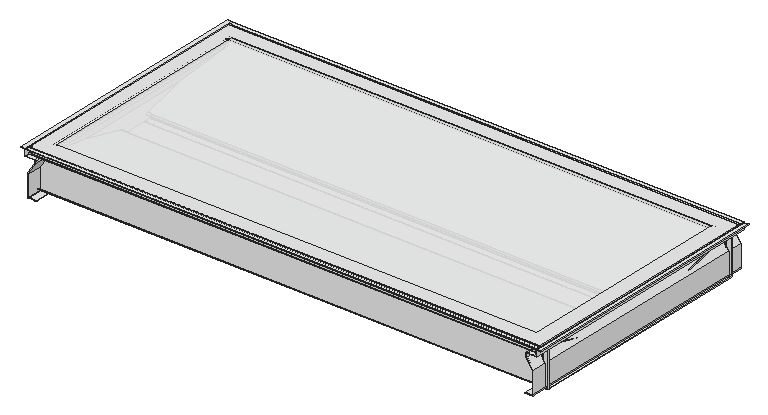
Revit family "LRTH-C29", category Lighting Fixtures, host Face, Revit 2019
Family settings
  Host = Face
  Round Connector Dimension = Use Diameter
  Part Type = Normal
  OmniClass Number = 23.80.70.11.14.17
  OmniClass Title = Direct/Indirect
  Cut with Voids When Loaded = No
  Light Source = Yes
  Shared = No
  Room Calculation Point = No
Parameters (values of type "LRTH-C29-2X4-LED840K050LUNV")
  Width = 1' - 11 3/4"
  Wattage = 47 W
  built-in parameter 1150110 = 1 (stored number, unit not read)
  Voltage = 120 V
  URL = "https://www.viscor.com/en/products/lrth-wet-location-"
  built-in parameter 1114217 = 0.9 (stored number, unit not read)
  Tilt Angle = -90.00°
  built-in parameter 1150109 = 1 (stored number, unit not read)
  built-in parameter 1150134 = 12
  built-in parameter 1150113 = 1 (stored number, unit not read)
  Photometric Web File = "LRTH-C29-2X4-LED840K050LUNV.ies"
  Model = "LRTH Wet Location"  # constant formula
  Manufacturer = "VISIONEERING by VISCOR"  # constant formula
  built-in parameter 1150105 = 400.2 (stored number, unit not read)
  Lumens = 5029 lm
  built-in parameter 1150115 = 1 (stored number, unit not read)
  built-in parameter 1150137 = (empty or 0)
  built-in parameter 1150139 = (empty or 0)
  Lens Finish = Acrylic - Viscor - Frosted Prismatic P12
  Length = 3' - 11 3/4"
  Lamp Wattage = 47 VA
  built-in parameter 1150112 = 1 (stored number, unit not read)
  built-in parameter 1150114 = 1 (stored number, unit not read)
  Lamp = "LED"  # constant formula
  built-in parameter 1150132 = (empty or 0)
  built-in parameter 1150102 = (empty or 0)
  built-in parameter 1150107 = 4000 (stored number, unit not read)
  built-in parameter 1150138 = (empty or 0)
  built-in parameter 1150106 = 4.002 (stored number, unit not read)
  Housing Finish = Metal - Viscor - White
  Emit from Rectangle Width = Width  # 1' - 11 3/4"
  Emit from Rectangle Length = Length  # 3' - 11 3/4"
  Emit Shape Visible in Rendering = no
  built-in parameter 1150104 = 9.9406 (stored number, unit not read)
  Dimming Lamp Color Temperature Shift = <None>
  Description = "LED Troffer Dish Lensed - Wet Location"  # constant formula
  Default Elevation = 4' - 0"
  Color Filter = 16777215
  built-in parameter 1114218 = 1 (stored number, unit not read)
  built-in parameter 1150133 = 10 (stored number, unit not read)
  Assembly Code = "D5020200"
  Apparent Load = Lamp Wattage  # 47 VA
Types (6): name | Width | Wattage | Photometric Web File | built-in parameter 1150105 | Lumens | Length | Lamp Wattage | built-in parameter 1150106 | Emit from Rectangle Width | Emit from Rectangle Length | built-in parameter 1150104 | Apparent Load
  (no name) | 1' - 11 3/4" | 47 W | "LRTH-C29-2X4-LED840K050LUNV.ies" | 400.2 (stored number, unit not read) | 5029 lm | 3' - 11 3/4" | 47 VA | 4.002 (stored number, unit not read) | 1' - 11 3/4" | 3' - 11 3/4" | 9.9406 (stored number, unit not read) | 47 VA
  LRTH-C29-1X4-LED840K040LUNV | 0' - 11 3/4" | 38 W | "LRTH-C29-1X4-LED840K040LUNV.ies" | 323.56 (stored number, unit not read) | 4066 lm | 3' - 11 3/4" | 38 VA | 3.2356 (stored number, unit not read) | 0' - 11 3/4" | 3' - 11 3/4" | 9.9406 (stored number, unit not read) | 38 VA
  LRTH-C29-2X4-LED840K040LUNV | 1' - 11 3/4" | 36 W | "LRTH-C29-2X4-LED840K040LUNV.ies" | 317.99 (stored number, unit not read) | 3996 lm | 3' - 11 3/4" | 36 VA | 3.1799 (stored number, unit not read) | 1' - 11 3/4" | 3' - 11 3/4" | 10.312 (stored number, unit not read) | 36 VA
  LRTH-C29-2x2-LED840K020LUNV | 1' - 11 3/4" | 17 W | "LRTH-C29-2x2-LED840K020LUNV-G003862.IES" | 166.4 (stored number, unit not read) | 2091 lm | 1' - 11 3/4" | 17 VA | 1.664 (stored number, unit not read) | 1' - 11 3/4" | 1' - 11 3/4" | 11.427 (stored number, unit not read) | 17 VA
  LRTH-C29-2x2-LED840K032LUNV | 1' - 11 3/4" | 28 W | "LRTH-C29-2x2-LED840K032LUNV-G003861.IES" | 256.24 (stored number, unit not read) | 3220 lm | 1' - 11 3/4" | 28 VA | 2.5624 (stored number, unit not read) | 1' - 11 3/4" | 1' - 11 3/4" | 10.684 (stored number, unit not read) | 28 VA
  LRTH-C29-2X4-LED840K050LUNV | 1' - 11 3/4" | 47 W | "LRTH-C29-2X4-LED840K050LUNV.ies" | 400.2 (stored number, unit not read) | 5029 lm | 3' - 11 3/4" | 47 VA | 4.002 (stored number, unit not read) | 1' - 11 3/4" | 3' - 11 3/4" | 9.9406 (stored number, unit not read) | 47 VA
Reference planes (in)
  plane 1 "Center (Front/Back)": y = 0
  plane 2: z = 0
  plane 3 "Center (Left/Right)": x = 0
  plane 4 "WidthExtTop": y = 11.875
  plane 5 "WidthExtBottom": y = -11.875
  plane 6 "Left Exterior": x = -23.875
  plane 7: x = 23.875
  plane 8 "LeftBodyFinish": x = -23.437
  plane 9 "RightBodyFinish": x = 23.4375
  plane 10 "LeftCover": x = -22.937
  plane 11: x = 22.9375
Forms (in)
  Extrusion 1, solid, material "Metal - Viscor - White" <- "Housing Finish"
    sketch origin (0, 0, -3.93625) x (1, 0, 0) y (0, 0, 1)
      loop
        line (-22.405, 0) -> (-22.405, 0.03125) -> (-23.086, 0.03125)
        arc (-23.086, 0.03125) -> (-23.11269, 0.04231) -> (-23.12375, 0.069) r 0.03775
        line (-23.12375, 0.069) -> (-23.12375, 2.02963) -> (-22.49825, 2.99713) -> (-22.49825, 3.3035)
        arc (-22.49825, 3.3035) -> (-22.51883, 3.35317) -> (-22.5685, 3.37375) r 0.07025
        line (-22.5685, 3.37375) -> (-23.43575, 3.37375) -> (-23.43575, 3.866)
        arc (-23.43575, 3.866) -> (-23.45633, 3.91567) -> (-23.506, 3.93625) r 0.07025
        line (-23.506, 3.93625) -> (-23.875, 3.93625) -> (-23.875, 3.905) -> (-23.506, 3.905)
        arc (-23.506, 3.905) -> (-23.47842, 3.89358) -> (-23.467, 3.866) r 0.039
        line (-23.467, 3.866) -> (-23.467, 3.3425) -> (-22.5685, 3.3425)
        arc (-22.5685, 3.3425) -> (-22.54092, 3.33108) -> (-22.5295, 3.3035) r 0.039
        line (-22.5295, 3.3035) -> (-22.5295, 3.00635) -> (-23.155, 2.03885) -> (-23.155, 0.069)
        arc (-23.155, 0.069) -> (-23.13479, 0.02021) -> (-23.086, 0) r 0.069
        line (-23.086, 0) -> (-22.405, 0)
    from -11.875 to 11.875
  Extrusion 2, solid, material "Metal - Viscor - White" <- "Housing Finish"
    sketch origin (0, 0, -3.93625) x (0, 1, 0) y (0, 0, 1)
      loop
        line (-10.461, 0.03) -> (10.461, 0.03)
        arc (10.461, 0.03) -> (10.50979, 0.05035) -> (10.53, 0.09914) r 0.069
        line (10.53, 0.09914) -> (10.53, 3.30348)
        arc (10.53, 3.30348) -> (10.54144, 3.33104) -> (10.569, 3.34245) r 0.03898
        line (10.569, 3.34245) -> (11.39851, 3.34245)
        arc (11.39851, 3.34245) -> (11.44727, 3.36265) -> (11.46747, 3.41141) r 0.06896
        line (11.46747, 3.41141) -> (11.46747, 3.866)
        arc (11.46747, 3.866) -> (11.47892, 3.89358) -> (11.5065, 3.905) r 0.039
        line (11.5065, 3.905) -> (11.875, 3.905) -> (11.875, 3.93625) -> (11.5065, 3.93625)
        arc (11.5065, 3.93625) -> (11.45683, 3.91567) -> (11.43625, 3.866) r 0.07025
        line (11.43625, 3.866) -> (11.43622, 3.41141)
        arc (11.43622, 3.41141) -> (11.42518, 3.38475) -> (11.39851, 3.3737) r 0.03771
        line (11.39851, 3.3737) -> (10.569, 3.3737)
        arc (10.569, 3.3737) -> (10.51934, 3.35313) -> (10.49877, 3.30348) r 0.07023
        line (10.49877, 3.30348) -> (10.49875, 0.09914)
        arc (10.49875, 0.09914) -> (10.48769, 0.07245) -> (10.461, 0.06139) r 0.03775
        line (10.461, 0.06139) -> (-10.461, 0.06125)
        arc (-10.461, 0.06125) -> (-10.48769, 0.07245) -> (-10.49875, 0.09914) r 0.03775
        line (-10.49875, 0.09914) -> (-10.49875, 3.30927)
        arc (-10.49875, 3.30927) -> (-10.52117, 3.35547) -> (-10.569, 3.37419) r 0.07047
        line (-10.569, 3.37419) -> (-11.39785, 3.37419)
        arc (-11.39785, 3.37419) -> (-11.42409, 3.38506) -> (-11.43496, 3.4113) r 0.03711
        line (-11.43496, 3.4113) -> (-11.43496, 3.86691)
        arc (-11.43496, 3.86691) -> (-11.45518, 3.91571) -> (-11.50398, 3.93593) r 0.06902
        line (-11.50398, 3.93593) -> (-11.875, 3.93593) -> (-11.875, 3.90468) -> (-11.50398, 3.90468)
        arc (-11.50398, 3.90468) -> (-11.47728, 3.89362) -> (-11.46621, 3.86691) r 0.03777
        line (-11.46621, 3.86691) -> (-11.46621, 3.4113)
        arc (-11.46621, 3.4113) -> (-11.44619, 3.36296) -> (-11.39785, 3.34294) r 0.06836
        line (-11.39785, 3.34294) -> (-10.569, 3.34294)
        arc (-10.569, 3.34294) -> (-10.54277, 3.33288) -> (-10.53, 3.30786) r 0.03922
        line (-10.53, 3.30786) -> (-10.53, 0.09914)
        arc (-10.53, 0.09914) -> (-10.50979, 0.05035) -> (-10.461, 0.03) r 0.069
    from -23.437 to 23.4375
  Extrusion 3, solid, material "Metal - Viscor - White" <- "Housing Finish"
    sketch origin (0, 0, -3.93625) x (-1, 0, 0) y (0, 0, -1)
      loop
        line (-22.405, 0) -> (-23.086, 0)
        arc (-23.086, 0) -> (-23.13479, -0.02021) -> (-23.155, -0.069) r 0.069
        line (-23.155, -0.069) -> (-23.155, -2.03885) -> (-22.5295, -3.00635) -> (-22.5295, -3.3035)
        arc (-22.5295, -3.3035) -> (-22.54092, -3.33108) -> (-22.5685, -3.3425) r 0.039
        line (-22.5685, -3.3425) -> (-23.467, -3.3425) -> (-23.467, -3.866)
        arc (-23.467, -3.866) -> (-23.47842, -3.89358) -> (-23.506, -3.905) r 0.039
        line (-23.506, -3.905) -> (-23.875, -3.905) -> (-23.875, -3.93625) -> (-23.506, -3.93625)
        arc (-23.506, -3.93625) -> (-23.45633, -3.91567) -> (-23.43575, -3.866) r 0.07025
        line (-23.43575, -3.866) -> (-23.43575, -3.37375) -> (-22.5685, -3.37375)
        arc (-22.5685, -3.37375) -> (-22.51883, -3.35317) -> (-22.49825, -3.3035) r 0.07025
        line (-22.49825, -3.3035) -> (-22.49825, -2.99713) -> (-23.12375, -2.02963) -> (-23.12375, -0.069)
        arc (-23.12375, -0.069) -> (-23.11269, -0.04231) -> (-23.086, -0.03125) r 0.03775
        line (-23.086, -0.03125) -> (-22.405, -0.03125) -> (-22.405, 0)
    from -11.875 to 11.875
  Extrusion 4, solid, material "Metal - Viscor - White" <- "Housing Finish"
    sketch origin (0, 0, -0.0625) x (0, 1, 0) y (-1, 0, 0)
      loop
        line (10, -22.0005) -> (10, 22) -> (-10, 22) -> (-10, -22.0005) -> (10, -22.0005)
      loop
        line (11.375, -23.3755) -> (11.375, 23.375) -> (-11.375, 23.375) -> (-11.375, -23.3755) -> (11.375, -23.3755)
    from 0 to 0.0625
  Extrusion 5, solid, material "Acrylic - Viscor - Frosted Prismatic P12" <- "Lens Finish"
    sketch origin (0, 0, -0.1063) x (0, 1, 0) y (-1, 0, 0)
      loop
        line (10.25, 22.25) -> (-10.25, 22.25) -> (-10.25, -22.2505) -> (10.25, -22.2505) -> (10.25, 22.25)
    from 0 to 0.03125
  Extrusion 6, void
    sketch origin (0, 0, 0) x (1, 0, 0) y (0, 1, 0)
      loop
        line (-23.875, 11.875) -> (-23.875, -11.875) -> (23.875, -11.875) -> (23.875, 11.875) -> (-23.875, 11.875)
    from -5.39812 to 0
  Extrusion 7, solid
    sketch origin (0, 0, 0) x (0, 1, 0) y (0, 0, 1)
      loop
        line (2.0389, -3.87125) -> (2.625, -3.87125) -> (2.625, -3.84) -> (2.03893, -3.84)
        arc (2.03893, -3.84) -> (2.01228, -3.82892) -> (2.00125, -3.80225) r 0.03775
        line (2.00125, -3.80225) -> (2.00125, -3.44017)
        arc (2.00125, -3.44017) -> (1.98064, -3.39055) -> (1.931, -3.37001) r 0.07025
        line (1.931, -3.37001) -> (-1.931, -3.37001)
        arc (-1.931, -3.37001) -> (-1.98069, -3.39059) -> (-2.00127, -3.44028) r 0.07027
        line (-2.00127, -3.44028) -> (-2.00127, -3.80149)
        arc (-2.00127, -3.80149) -> (-2.01206, -3.82868) -> (-2.03903, -3.84001) r 0.03777
        line (-2.03903, -3.84001) -> (-2.625, -3.84001) -> (-2.625, -3.87126) -> (-2.03903, -3.87126)
        arc (-2.03903, -3.87126) -> (-1.98987, -3.85068) -> (-1.97002, -3.80122) r 0.06902
        line (-1.97002, -3.80122) -> (-1.97002, -3.44028)
        arc (-1.97002, -3.44028) -> (-1.95859, -3.41268) -> (-1.931, -3.40126) r 0.03902
        line (-1.931, -3.40126) -> (1.931, -3.40126)
        arc (1.931, -3.40126) -> (1.95855, -3.41266) -> (1.97, -3.44019) r 0.039
        line (1.97, -3.44019) -> (1.97, -3.80225)
        arc (1.97, -3.80225) -> (1.99018, -3.85101) -> (2.0389, -3.87125) r 0.069
    from -22.937 to 22.9375
  Extrusion 8, solid
    sketch origin (0, 0, 0) x (0, 1, 0) y (0, 0, 1)
      loop
        line (10.5, -1.56425) -> (10.5, -0.64355)
        arc (10.5, -0.64355) -> (10.47622, -0.59468) -> (10.42308, -0.58332) r 0.062
        line (10.42308, -0.58332) -> (1.54696, -2.78428)
        arc (1.54696, -2.78428) -> (1.50053, -2.83632) -> (1.53187, -2.89862) r 0.062
        line (1.53187, -2.89862) -> (1.86729, -3.0851)
        arc (1.86729, -3.0851) -> (1.88195, -3.09942) -> (1.88734, -3.11919) r 0.039
        line (1.88734, -3.11919) -> (1.88734, -3.30725)
        arc (1.88734, -3.30725) -> (1.87591, -3.33483) -> (1.84834, -3.34625) r 0.039
        line (1.84834, -3.34625) -> (1.222, -3.34625) -> (1.222, -3.3775) -> (1.84834, -3.3775)
        arc (1.84834, -3.3775) -> (1.89801, -3.35692) -> (1.91859, -3.30725) r 0.07025
        line (1.91859, -3.30725) -> (1.91859, -3.11919)
        arc (1.91859, -3.11919) -> (1.90889, -3.08357) -> (1.88247, -3.05779) r 0.07025
        line (1.88247, -3.05779) -> (1.54706, -2.8713)
        arc (1.54706, -2.8713) -> (1.53151, -2.84042) -> (1.55452, -2.8146) r 0.03075
        line (1.55452, -2.8146) -> (10.4306, -0.61366)
        arc (10.4306, -0.61366) -> (10.45696, -0.61929) -> (10.46875, -0.64353) r 0.03075
        line (10.46875, -0.64353) -> (10.46875, -1.56425) -> (10.5, -1.56425)
    from -22.937 to 22.9375
  Extrusion 9, solid
    sketch origin (0, 0, 0) x (0, 1, 0) y (0, 0, 1)
      loop
        line (-10.5, -0.64355) -> (-10.5, -1.56425) -> (-10.46875, -1.56425) -> (-10.46875, -0.64353)
        arc (-10.46875, -0.64353) -> (-10.45696, -0.61929) -> (-10.4306, -0.61366) r 0.03075
        line (-10.4306, -0.61366) -> (-1.55452, -2.8146)
        arc (-1.55452, -2.8146) -> (-1.53151, -2.84042) -> (-1.54706, -2.8713) r 0.03075
        line (-1.54706, -2.8713) -> (-1.88247, -3.05779)
        arc (-1.88247, -3.05779) -> (-1.90889, -3.08357) -> (-1.91859, -3.11919) r 0.07025
        line (-1.91859, -3.11919) -> (-1.91859, -3.30725)
        arc (-1.91859, -3.30725) -> (-1.89801, -3.35692) -> (-1.84834, -3.3775) r 0.07025
        line (-1.84834, -3.3775) -> (-1.222, -3.3775) -> (-1.222, -3.34625) -> (-1.84834, -3.34625)
        arc (-1.84834, -3.34625) -> (-1.87591, -3.33483) -> (-1.88734, -3.30725) r 0.039
        line (-1.88734, -3.30725) -> (-1.88734, -3.11919)
        arc (-1.88734, -3.11919) -> (-1.88195, -3.09942) -> (-1.86729, -3.0851) r 0.039
        line (-1.86729, -3.0851) -> (-1.53187, -2.89862)
        arc (-1.53187, -2.89862) -> (-1.50053, -2.83632) -> (-1.54696, -2.78428) r 0.062
        line (-1.54696, -2.78428) -> (-10.42308, -0.58332)
        arc (-10.42308, -0.58332) -> (-10.47622, -0.59468) -> (-10.5, -0.64355) r 0.062
    from -22.937 to 22.9375
Dimensions and locks (in)
  equal spacing: plane 4 "WidthExtTop", plane 1 "Center (Front/Back)", plane 5 "WidthExtBottom"
  equal spacing: plane 6 "Left Exterior", plane 3 "Center (Left/Right)", plane 7
  "Length": plane 6 "Left Exterior" to plane 7
  "Width": plane 4 "WidthExtTop" to plane 5 "WidthExtBottom"
  plane 6 "Left Exterior" to plane 8 "LeftBodyFinish" to plane 3 "Center (Left/Right)" = 0' - 0.438", 1' - 11.437"
  locked: plane 9 "RightBodyFinish" to plane 7 at 0.4375
  locked: plane 8 "LeftBodyFinish" to plane 10 "LeftCover" at 0.5
  plane 3 "Center (Left/Right)" to plane 9 "RightBodyFinish" = 1' - 11 7/16"
  locked: plane 11 to plane 9 "RightBodyFinish" at 0.5
  Extrusion 9 to plane 1 "Center (Front/Back)" = 0' - 10 15/32"
  aligned and locked: plane 2 to host face
  aligned and locked: level to host face
  aligned and locked: plane 4 "WidthExtTop" to Extrusion 1
  aligned and locked: Extrusion 1 to plane 5 "WidthExtBottom"
  aligned and locked: Extrusion 2 to plane 8 "LeftBodyFinish"
  aligned and locked: plane 9 "RightBodyFinish" to Extrusion 2
  aligned and locked: plane 4 "WidthExtTop" to Extrusion 3
  aligned and locked: Extrusion 3 to plane 5 "WidthExtBottom"
  aligned and locked: plane 6 "Left Exterior" to Extrusion 6 sketch curve
  aligned and locked: plane 5 "WidthExtBottom" to Extrusion 6 sketch curve
  aligned and locked: Extrusion 6 sketch curve to plane 7
  aligned and locked: Extrusion 6 sketch curve to plane 4 "WidthExtTop"
  aligned and locked: Extrusion 7 to plane 10 "LeftCover"
  aligned and locked: plane 11 to Extrusion 7
  aligned and locked: Extrusion 8 to plane 10 "LeftCover"
  aligned and locked: plane 11 to Extrusion 8
  aligned and locked: Extrusion 9 to plane 10 "LeftCover"
  aligned and locked: plane 11 to Extrusion 9
Automatic sketch dimensions
  host sketch curve to host sketch curve = 8' - 0"  (x2)
  Extrusion 1 sketch curve to Extrusion 1 sketch curve = 0' - 0"  (x6)
  Extrusion 1 sketch curve to plane 6 "Left Exterior" = 0' - 0"
  Extrusion 1 sketch curve to level = 0' - 3.93625"
  plane 6 "Left Exterior" to Extrusion 1 sketch curve = 0' - 0.369"
  Extrusion 1 sketch curve to Extrusion 1 sketch curve = 0' - 0.039"  (x2)
  Extrusion 1 sketch curve to Extrusion 1 sketch curve = 0' - 0 1/32"  (x3)
  plane 6 "Left Exterior" to Extrusion 1 sketch curve = 0' - 0.72"
  Extrusion 1 sketch curve to Extrusion 1 sketch curve = 0' - 0.03775"
  Extrusion 1 sketch curve to Extrusion 1 sketch curve = 0' - 0.86725"
  Extrusion 1 sketch curve to Extrusion 1 sketch curve = 0' - 0.681"
  Extrusion 1 sketch curve to Extrusion 1 sketch curve = 0' - 1.96063"
  Extrusion 1 sketch curve to Extrusion 1 sketch curve = 0' - 0.00922"  (x2)
  Extrusion 1 sketch curve to Extrusion 1 sketch curve = 0' - 0.9675"
  Extrusion 1 sketch curve to Extrusion 1 sketch curve = 0' - 0.29715"
  Extrusion 1 sketch curve to Extrusion 1 sketch curve = 0' - 0.49225"
  Extrusion 2 sketch curve to Extrusion 2 sketch curve = 0' - 0"  (x24)
  Extrusion 2 sketch curve to plane 5 "WidthExtBottom" = 0' - 0"
  plane 5 "WidthExtBottom" to Extrusion 2 sketch curve = 0' - 0.37102"
  Extrusion 2 sketch curve to Extrusion 2 sketch curve = 0' - 0.03777"
  Extrusion 2 sketch curve to Extrusion 2 sketch curve = 0' - 0 1/32"  (x5)
  Extrusion 2 sketch curve to Extrusion 2 sketch curve = 0' - 0.03711"
  Extrusion 2 sketch curve to Extrusion 2 sketch curve = 0' - 0.82885"
  Extrusion 2 sketch curve to level = 0' - 3.83711"  (x2)
  plane 5 "WidthExtBottom" to Extrusion 2 sketch curve = 0' - 1.345"
  Extrusion 2 sketch curve to Extrusion 2 sketch curve = 0' - 0.03775"  (x2)
  Extrusion 2 sketch curve to plane 4 "WidthExtTop" = 0' - 1.414"
  Extrusion 2 sketch curve to Extrusion 2 sketch curve = 0' - 0.039"  (x2)
  Extrusion 2 sketch curve to plane 4 "WidthExtTop" = 0' - 0.47649"
  Extrusion 2 sketch curve to Extrusion 2 sketch curve = 0' - 0.03771"
  Extrusion 2 sketch curve to Extrusion 2 sketch curve = 0' - 0.03903"
  plane 4 "WidthExtTop" to Extrusion 2 sketch curve = 0' - 0"
  Extrusion 2 sketch curve to Extrusion 2 sketch curve = 0' - 3.20433"
  Extrusion 2 sketch curve to Extrusion 2 sketch curve = 0' - 3.20458"
  Extrusion 2 sketch curve to Extrusion 2 sketch curve = 0' - 0.00414"
  Extrusion 2 sketch curve to Extrusion 2 sketch curve = 0' - 0.03898"
  Extrusion 2 sketch curve to Extrusion 2 sketch curve = 0' - 0.45459"
  Extrusion 2 sketch curve to Extrusion 2 sketch curve = 0' - 0.45561"
  Extrusion 2 sketch curve to Extrusion 2 sketch curve = 0' - 0.00014"  (x2)
  Extrusion 3 sketch curve to Extrusion 3 sketch curve = 0' - 0"  (x6)
  Extrusion 3 sketch curve to plane 7 = 0' - 0"
  level to Extrusion 3 sketch curve = 0' - 3.93625"
  plane 7 to Extrusion 3 sketch curve = 0' - 0.369"
  Extrusion 3 sketch curve to Extrusion 3 sketch curve = 0' - 0.039"  (x2)
  Extrusion 3 sketch curve to Extrusion 3 sketch curve = 0' - 0 1/32"  (x3)
  plane 7 to Extrusion 3 sketch curve = 0' - 0.72"
  Extrusion 3 sketch curve to Extrusion 3 sketch curve = 0' - 0.03775"
  Extrusion 3 sketch curve to Extrusion 3 sketch curve = 0' - 0.86725"
  Extrusion 3 sketch curve to Extrusion 3 sketch curve = 0' - 0.681"
  Extrusion 3 sketch curve to Extrusion 3 sketch curve = 0' - 1.96063"
  Extrusion 3 sketch curve to Extrusion 3 sketch curve = 0' - 0.00922"  (x2)
  Extrusion 3 sketch curve to Extrusion 3 sketch curve = 0' - 0.9675"
  Extrusion 3 sketch curve to Extrusion 3 sketch curve = 0' - 0.29715"
  Extrusion 3 sketch curve to Extrusion 3 sketch curve = 0' - 0.49225"
  Extrusion 4 sketch curve to plane 9 "RightBodyFinish" = 0' - 0.062"
  plane 5 "WidthExtBottom" to Extrusion 4 sketch curve = 0' - 0 1/2"
  plane 5 "WidthExtBottom" to Extrusion 4 sketch curve = 0' - 1 7/8"
  Extrusion 4 sketch curve to plane 4 "WidthExtTop" = 0' - 1 7/8"
  Extrusion 4 sketch curve to plane 4 "WidthExtTop" = 0' - 0 1/2"
  Extrusion 4 sketch curve to plane 9 "RightBodyFinish" = 0' - 1.437"
  plane 8 "LeftBodyFinish" to Extrusion 4 sketch curve = 0' - 1.437"
  plane 8 "LeftBodyFinish" to Extrusion 4 sketch curve = 0' - 0.062"
  plane 5 "WidthExtBottom" to Extrusion 5 sketch curve = 0' - 1 5/8"
  Extrusion 5 sketch curve to plane 4 "WidthExtTop" = 0' - 1 5/8"
  Extrusion 5 sketch curve to plane 9 "RightBodyFinish" = 0' - 1.187"
  plane 8 "LeftBodyFinish" to Extrusion 5 sketch curve = 0' - 1.187"
  Extrusion 7 sketch curve to Extrusion 7 sketch curve = 0' - 0"  (x10)
  plane 1 "Center (Front/Back)" to Extrusion 7 sketch curve = 0' - 2.03903"
  Extrusion 7 sketch curve to Extrusion 7 sketch curve = 0' - 0.03776"
  Extrusion 7 sketch curve to Extrusion 7 sketch curve = 0' - 0 1/32"  (x4)
  Extrusion 7 sketch curve to Extrusion 7 sketch curve = 0' - 0.03902"
  Extrusion 7 sketch curve to plane 1 "Center (Front/Back)" = 0' - 1.931"
  Extrusion 7 sketch curve to Extrusion 7 sketch curve = 0' - 0.039"  (x2)
  Extrusion 7 sketch curve to Extrusion 7 sketch curve = 0' - 0.03766"
  Extrusion 7 sketch curve to Extrusion 7 sketch curve = 0' - 0.00002"
  Extrusion 7 sketch curve to Extrusion 7 sketch curve = 0' - 0.00007"
  Extrusion 7 sketch curve to Extrusion 7 sketch curve = 0' - 0.58607"
  Extrusion 7 sketch curve to level = 0' - 3.87126"
  Extrusion 7 sketch curve to level = 0' - 3.87125"
  Extrusion 7 sketch curve to Extrusion 7 sketch curve = 0' - 0.03775"
  Extrusion 7 sketch curve to Extrusion 7 sketch curve = 0' - 0.03777"
  Extrusion 7 sketch curve to Extrusion 7 sketch curve = 0' - 0.36095"
  Extrusion 7 sketch curve to Extrusion 7 sketch curve = 0' - 0.58597"
  Extrusion 8 sketch curve to Extrusion 8 sketch curve = 0' - 0"  (x22)
  Extrusion 8 sketch curve to plane 1 "Center (Front/Back)" = 0' - 1.222"
  Extrusion 8 sketch curve to Extrusion 8 sketch curve = 0' - 0.30987"
  Extrusion 8 sketch curve to Extrusion 8 sketch curve = 0' - 0.01509"
  Extrusion 8 sketch curve to Extrusion 8 sketch curve = 0' - 0.01519"  (x2)
  Extrusion 8 sketch curve to Extrusion 8 sketch curve = 0' - 0.00756"
  Extrusion 8 sketch curve to Extrusion 8 sketch curve = 0' - 0.00748"
  Extrusion 8 sketch curve to Extrusion 8 sketch curve = 0' - 0.31646"
  Extrusion 8 sketch curve to level = 0' - 0.58332"
  Extrusion 8 sketch curve to plane 4 "WidthExtTop" = 0' - 1.45192"
  Extrusion 8 sketch curve to level = 0' - 0.61366"
  Extrusion 8 sketch curve to Extrusion 8 sketch curve = 0' - 0.00752"
  Extrusion 8 sketch curve to Extrusion 8 sketch curve = 0' - 0.0074"
  Extrusion 8 sketch curve to Extrusion 8 sketch curve = 0' - 0.03075"
  Extrusion 8 sketch curve to Extrusion 8 sketch curve = 0' - 0 1/32"  (x3)
  Extrusion 8 sketch curve to Extrusion 8 sketch curve = 0' - 0.02985"
  Extrusion 8 sketch curve to level = 0' - 2.78428"
  Extrusion 8 sketch curve to Extrusion 8 sketch curve = 0' - 0.03032"
  Extrusion 8 sketch curve to Extrusion 8 sketch curve = 0' - 0.02983"
  Extrusion 8 sketch curve to Extrusion 8 sketch curve = 0' - 0.22057"
  Extrusion 8 sketch curve to Extrusion 8 sketch curve = 0' - 0.18806"
  Extrusion 8 sketch curve to Extrusion 8 sketch curve = 0' - 0.44763"
  Extrusion 8 sketch curve to Extrusion 8 sketch curve = 0' - 0.01895"
  Extrusion 8 sketch curve to Extrusion 8 sketch curve = 0' - 0.039"  (x2)
  Extrusion 8 sketch curve to Extrusion 8 sketch curve = 0' - 0.9207"
  Extrusion 9 sketch curve to Extrusion 9 sketch curve = 0' - 0"  (x24)
  plane 5 "WidthExtBottom" to Extrusion 9 sketch curve = 0' - 1 3/8"
  Extrusion 9 sketch curve to Extrusion 9 sketch curve = 0' - 0 1/32"  (x3)
  Extrusion 9 sketch curve to Extrusion 9 sketch curve = 0' - 0.03075"
  Extrusion 9 sketch curve to level = 0' - 0.61366"
  Extrusion 9 sketch curve to Extrusion 9 sketch curve = 0' - 0.0074"
  Extrusion 9 sketch curve to level = 0' - 0.58332"
  Extrusion 9 sketch curve to Extrusion 9 sketch curve = 0' - 0.00752"
  plane 1 "Center (Front/Back)" to Extrusion 9 sketch curve = 0' - 1.84834"
  Extrusion 9 sketch curve to Extrusion 9 sketch curve = 0' - 0.28634"
  Extrusion 9 sketch curve to Extrusion 9 sketch curve = 0' - 0.00748"
  Extrusion 9 sketch curve to Extrusion 9 sketch curve = 0' - 0.01494"
  Extrusion 9 sketch curve to Extrusion 9 sketch curve = 0' - 0.00756"
  Extrusion 9 sketch curve to Extrusion 9 sketch curve = 0' - 0.01519"  (x2)
  Extrusion 9 sketch curve to Extrusion 9 sketch curve = 0' - 0.02985"
  Extrusion 9 sketch curve to Extrusion 9 sketch curve = 0' - 0.92072"
  Extrusion 9 sketch curve to level = 0' - 2.78428"
  Extrusion 9 sketch curve to Extrusion 9 sketch curve = 0' - 0.03032"
  Extrusion 9 sketch curve to Extrusion 9 sketch curve = 0' - 0.02983"
  Extrusion 9 sketch curve to Extrusion 9 sketch curve = 0' - 0.22057"
  Extrusion 9 sketch curve to Extrusion 9 sketch curve = 0' - 0.18806"
  Extrusion 9 sketch curve to Extrusion 9 sketch curve = 0' - 0.07025"
  Extrusion 9 sketch curve to Extrusion 9 sketch curve = 0' - 0.00486"
  Extrusion 9 sketch curve to Extrusion 9 sketch curve = 0' - 0.30987"
Connectors (in)
  electrical at (0, 0, 0), driven by "Voltage"
    settings: index 1, voltage 120 V, apparent load 0 VA, apparent load phase1 0 VA, apparent load phase2 0 VA, apparent load phase3 0 VA, power factor 1, load classification "Other", number of poles 1, system type 31, power factor state 1, is connector primary yes, connector utility no, sub classification motor no, connector description ""
